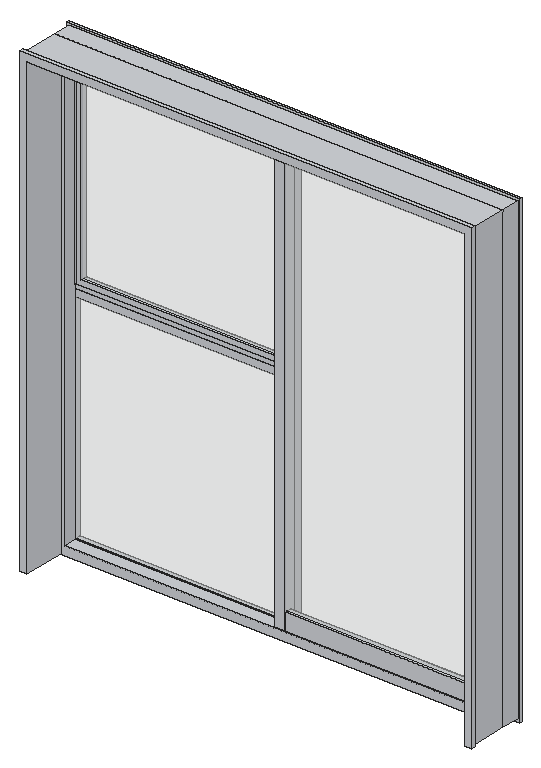
Revit family "APL Residential Thermal Heart Sliding Door SF with Sidelight", category Doors, host Wall, Revit 2017 (continued)
Definition of nested family "APL Residential Thermal Heart Sliding Door SF with Sidelight Vertical Section"
  Definition of nested family "Sash Mullion-Transom"
    Definition of nested family "65720_Sash"
      Lines and regions (mm)
        model lines, in view "Ref. Level"
          curve 105: line (39.6, 9.2, 0) -> (39.6, 4.17, 0)
          curve 106: line (39.6, 4.17, 0) -> (34.719, 4.17, 0)
          curve 107: line (32.801, 8, 0) -> (24.7, 8, 0)
          curve 108: line (24.7, 8, 0) -> (24.3, 7.6, 0)
          curve 109: line (24.3, 7.6, 0) -> (23.9, 8, 0)
          curve 110: line (23.9, 8, 0) -> (19.183, 8, 0)
          curve 111: line (18.413, 8.268, 0) -> (17.003, 8.782, 0)
          curve 112: line (16.601, 8.474, 0) -> (16.808, 6.108, 0)
          curve 113: line (16.895, 5.922, 0) -> (17.259, 5.559, 0)
          curve 114: line (17.593, 5.648, 0) -> (17.638, 5.816, 0)
          curve 115: line (17.638, 5.816, 0) -> (19.768, 6.49, 0)
          curve 116: line (19.768, 6.49, 0) -> (20, 6.5, 0)
          curve 117: line (20.1, 5.753, 0) -> (20.1, 2.525, 0)
          curve 118: line (20.1, 2.525, 0) -> (20.294, 1.75, 0)
          curve 119: line (20.1, 1.5, 0) -> (19.579, 1.5, 0)
          curve 120: line (19.579, 1.5, 0) -> (18.169, 2.309, 0)
          curve 121: line (17.6, 2.45, 0) -> (17.6, 0.874, 0)
          curve 122: line (22.5, 6.6, 0) -> (28.892, 6.6, 0)
          curve 123: line (34.135, 2.97, 0) -> (38.899, 2.97, 0)
          curve 124: line (39.4, 2.47, 0) -> (39.4, -6.3, 0)
          curve 125: line (38.9, -6.8, 0) -> (22.502, -6.8, 0)
          curve 126: line (22, -6.3, 0) -> (22, 6.1, 0)
          curve 127: arc (22, 6.1, 0) -> (22.146, 6.454, 0) -> (22.5, 6.6, 0) r 0.5
          curve 128: arc (12.714, 14.359, 0) -> (13.138, 14.183, 0) -> (13.314, 13.759, 0) r 0.6
          curve 129: arc (13.633, 5.978, 0) -> (13.937, 5.291, 0) -> (14.633, 5.009, 0) r 1
          curve 130: arc (17.054, 5.009, 0) -> (17.364, 5.05, 0) -> (17.654, 5.17, 0) r 1.2
          curve 131: arc (19.714, 6.209, 0) -> (19.996, 6.092, 0) -> (20.114, 5.809, 0) r 0.4
          curve 132: arc (20.014, 4.834, 0) -> (19.955, 4.693, 0) -> (19.814, 4.634, 0) r 0.2
          curve 133: arc (19.617, 4.653, 0) -> (19.041, 4.615, 0) -> (18.764, 4.109, 0) r 0.6
          curve 134: arc (18.764, 4.109, 0) -> (19.041, 3.603, 0) -> (19.617, 3.565, 0) r 0.6
          curve 135: arc (19.814, 3.584, 0) -> (19.955, 3.525, 0) -> (20.014, 3.384, 0) r 0.2
          curve 136: arc (20.114, 2.409, 0) -> (19.996, 2.126, 0) -> (19.714, 2.009, 0) r 0.4
          curve 137: arc (17.654, 3.048, 0) -> (17.364, 3.168, 0) -> (17.054, 3.209, 0) r 1.2
          curve 138: arc (8.374, 3.209, 0) -> (8.063, 3.168, 0) -> (7.774, 3.048, 0) r 1.2
          curve 139: arc (5.714, 2.009, 0) -> (5.431, 2.126, 0) -> (5.314, 2.409, 0) r 0.4
          curve 140: arc (5.414, 3.384, 0) -> (5.472, 3.525, 0) -> (5.614, 3.584, 0) r 0.2
          curve 141: arc (5.81, 3.565, 0) -> (6.386, 3.603, 0) -> (6.664, 4.109, 0) r 0.6
          curve 142: arc (6.664, 4.109, 0) -> (6.386, 4.615, 0) -> (5.81, 4.653, 0) r 0.6
          curve 143: arc (5.614, 4.634, 0) -> (5.472, 4.693, 0) -> (5.414, 4.834, 0) r 0.2
          curve 144: arc (5.314, 5.809, 0) -> (5.431, 6.092, 0) -> (5.714, 6.209, 0) r 0.4
          curve 145: arc (7.774, 5.17, 0) -> (8.063, 5.05, 0) -> (8.374, 5.009, 0) r 1.2
          curve 146: arc (10.794, 5.009, 0) -> (11.49, 5.291, 0) -> (11.794, 5.978, 0) r 1
          curve 147: line (13.314, 13.759, 0) -> (13.633, 5.978, 0)
          curve 148: line (14.633, 5.009, 0) -> (16.946, 5.009, 0)
          curve 149: line (17.654, 5.17, 0) -> (18.414, 5.609, 0)
          curve 150: line (18.414, 5.609, 0) -> (19.407, 6.182, 0)
          curve 151: line (19.407, 6.182, 0) -> (19.714, 6.209, 0)
          curve 152: line (20.114, 5.809, 0) -> (20.114, 5.309, 0)
          curve 153: line (20.114, 5.309, 0) -> (20.014, 4.834, 0)
          curve 154: line (20.014, 3.384, 0) -> (20.014, 3.009, 0)
          curve 155: line (20.014, 3.009, 0) -> (20.114, 2.409, 0)
          curve 156: line (19.714, 2.009, 0) -> (19.507, 2.009, 0)
          curve 157: line (19.507, 2.009, 0) -> (18.414, 2.609, 0)
          curve 158: line (18.414, 2.609, 0) -> (17.654, 3.048, 0)
          curve 159: line (16.946, 3.209, 0) -> (12.714, 3.209, 0)
          curve 160: line (12.714, 3.209, 0) -> (8.374, 3.209, 0)
          curve 161: line (7.774, 3.048, 0) -> (6.02, 2.036, 0)
          curve 162: line (6.02, 2.036, 0) -> (5.714, 2.009, 0)
          curve 163: line (5.314, 2.409, 0) -> (5.314, 2.909, 0)
          curve 164: line (5.314, 2.909, 0) -> (5.414, 3.384, 0)
          curve 165: line (5.414, 4.834, 0) -> (5.414, 5.209, 0)
          curve 166: line (5.414, 5.209, 0) -> (5.314, 5.809, 0)
          curve 167: line (5.714, 6.209, 0) -> (5.92, 6.209, 0)
          curve 168: line (5.92, 6.209, 0) -> (7.774, 5.17, 0)
          curve 169: line (8.374, 5.009, 0) -> (10.794, 5.009, 0)
          curve 170: line (11.794, 5.978, 0) -> (12.114, 13.768, 0)
          curve 171: arc (12.114, 13.768, 0) -> (12.293, 14.187, 0) -> (12.714, 14.359, 0) r 0.6
          curve 172: arc (5.3, -2.4, 0) -> (5.417, -2.117, 0) -> (5.7, -2, 0) r 0.4
          curve 173: arc (5.993, -2, 0) -> (6.096, -2.014, 0) -> (6.193, -2.054, 0) r 0.4
          curve 174: arc (7.721, -2.939, 0) -> (8.011, -3.059, 0) -> (8.322, -3.1, 0) r 1.2
          curve 175: arc (9.245, -3.1, 0) -> (9.818, -3.281, 0) -> (10.184, -3.758, 0) r 1
          curve 176: arc (10.977, -5.937, 0) -> (11.124, -6.128, 0) -> (11.353, -6.2, 0) r 0.4
          curve 177: arc (14.047, -6.2, 0) -> (14.276, -6.128, 0) -> (14.423, -5.937, 0) r 0.4
          curve 178: arc (15.216, -3.758, 0) -> (15.582, -3.281, 0) -> (16.155, -3.1, 0) r 1
          curve 179: arc (17.078, -3.1, 0) -> (17.389, -3.059, 0) -> (17.679, -2.939, 0) r 1.2
          curve 180: arc (19.207, -2.054, 0) -> (19.304, -2.014, 0) -> (19.407, -2, 0) r 0.4
          curve 181: arc (19.7, -2, 0) -> (19.983, -2.117, 0) -> (20.1, -2.4, 0) r 0.4
          curve 182: arc (20.1, -5.8, 0) -> (19.983, -6.083, 0) -> (19.7, -6.2, 0) r 0.4
          curve 183: arc (19.407, -6.2, 0) -> (19.304, -6.186, 0) -> (19.207, -6.146, 0) r 0.4
          curve 184: arc (17.679, -5.261, 0) -> (17.385, -5.14, 0) -> (17.07, -5.1, 0) r 1.2
          curve 185: arc (17.07, -5.1, 0) -> (16.895, -5.153, 0) -> (16.784, -5.297, 0) r 0.3
          curve 186: arc (15.896, -7.737, 0) -> (15.749, -7.928, 0) -> (15.52, -8, 0) r 0.4
          curve 187: arc (9.88, -8, 0) -> (9.651, -7.928, 0) -> (9.504, -7.737, 0) r 0.4
          curve 188: arc (8.616, -5.297, 0) -> (8.505, -5.153, 0) -> (8.33, -5.1, 0) r 0.3
          curve 189: arc (8.33, -5.1, 0) -> (8.015, -5.14, 0) -> (7.721, -5.261, 0) r 1.2
          curve 190: arc (6.193, -6.146, 0) -> (6.096, -6.186, 0) -> (5.993, -6.2, 0) r 0.4
          curve 191: arc (5.7, -6.2, 0) -> (5.417, -6.083, 0) -> (5.3, -5.8, 0) r 0.4
          curve 192: line (5.7, -2, 0) -> (5.993, -2, 0)
          curve 193: line (6.193, -2.054, 0) -> (7.721, -2.939, 0)
          curve 194: line (8.322, -3.1, 0) -> (9.245, -3.1, 0)
          curve 195: line (10.184, -3.758, 0) -> (10.977, -5.937, 0)
          curve 196: line (11.353, -6.2, 0) -> (14.047, -6.2, 0)
          curve 197: line (14.423, -5.937, 0) -> (15.216, -3.758, 0)
          curve 198: line (16.155, -3.1, 0) -> (17.078, -3.1, 0)
          curve 199: line (17.679, -2.939, 0) -> (19.207, -2.054, 0)
          curve 200: line (19.407, -2, 0) -> (19.7, -2, 0)
          curve 201: line (20.1, -2.4, 0) -> (20.1, -5.8, 0)
          curve 202: line (19.7, -6.2, 0) -> (19.407, -6.2, 0)
          curve 203: line (19.207, -6.146, 0) -> (17.679, -5.261, 0)
          curve 204: line (16.784, -5.297, 0) -> (15.896, -7.737, 0)
          curve 205: line (15.52, -8, 0) -> (9.88, -8, 0)
          curve 206: line (9.504, -7.737, 0) -> (8.616, -5.297, 0)
          curve 207: line (7.721, -5.261, 0) -> (6.193, -6.146, 0)
          curve 208: line (5.993, -6.2, 0) -> (5.7, -6.2, 0)
          curve 209: line (5.3, -5.8, 0) -> (5.3, -2.4, 0)
          curve 210: arc (7.8, -0.874, 0) -> (7.718, -0.477, 0) -> (7.485, -0.146, 0) r 1
          curve 211: arc (7.485, -0.146, 0) -> (7.422, 0, 0) -> (7.485, 0.146, 0) r 0.2
          curve 212: arc (7.485, 0.146, 0) -> (7.718, 0.477, 0) -> (7.8, 0.874, 0) r 1
          curve 213: arc (7.8, 2.449, 0) -> (7.673, 2.668, 0) -> (7.42, 2.663, 0) r 0.25
          curve 214: arc (7.334, 2.611, 0) -> (7.228, 2.479, 0) -> (7.231, 2.309, 0) r 0.25
          curve 215: arc (5.977, 1.544, 0) -> (5.902, 1.511, 0) -> (5.821, 1.5, 0) r 0.3
          curve 216: arc (5.3, 1.5, 0) -> (5.142, 1.578, 0) -> (5.106, 1.75, 0) r 0.2
          curve 217: arc (5.3, 5.753, 0) -> (5.274, 5.875, 0) -> (5.2, 5.976, 0) r 0.3
          curve 218: arc (5.2, 5.976, 0) -> (5.12, 6.307, 0) -> (5.4, 6.5, 0) r 0.3
          curve 219: arc (7.621, 5.957, 0) -> (7.71, 5.905, 0) -> (7.762, 5.816, 0) r 0.2
          curve 220: arc (7.807, 5.648, 0) -> (7.948, 5.507, 0) -> (8.141, 5.559, 0) r 0.2
          curve 221: arc (8.505, 5.922, 0) -> (8.565, 6.008, 0) -> (8.592, 6.108, 0) r 0.3
          curve 222: arc (8.799, 8.474, 0) -> (8.683, 8.738, 0) -> (8.397, 8.782, 0) r 0.3
          curve 223: arc (6.987, 8.268, 0) -> (6.861, 8.181, 0) -> (6.795, 8.043, 0) r 0.3
          curve 224: arc (6.795, 8.043, 0) -> (6.522, 7.801, 0) -> (6.217, 8, 0) r 0.3
          curve 225: arc (-3.3, 8, 0) -> (-4.007, 8.293, 0) -> (-4.3, 9, 0) r 1
          curve 226: arc (-4.3, 18.8, 0) -> (-4.241, 18.941, 0) -> (-4.1, 19, 0) r 0.2
          curve 227: arc (-3.2, 19, 0) -> (-2.493, 19.293, 0) -> (-2.2, 20, 0) r 1
          curve 228: arc (-2.2, 20.751, 0) -> (-2.7, 21.252, 0) -> (-3.2, 20.751, 0) r 0.5
          curve 229: arc (-3.2, 24.751, 0) -> (-2.7, 24.249, 0) -> (-2.2, 24.751, 0) r 0.5
          curve 230: arc (-2.2, 25.501, 0) -> (-2.493, 26.207, 0) -> (-3.199, 26.5, 0) r 0.999
          curve 231: arc (-4.7, 26.5, 0) -> (-5.407, 26.207, 0) -> (-5.7, 25.5, 0) r 1
          curve 232: arc (-5.7, -14.454, 0) -> (-5.548, -15.22, 0) -> (-5.114, -15.869, 0) r 2
          curve 233: arc (5.959, -26.941, 0) -> (6.177, -26.985, 0) -> (6.3, -26.8, 0) r 0.2
          curve 234: arc (6.3, -22.85, 0) -> (6.241, -22.709, 0) -> (6.1, -22.65, 0) r 0.2
          curve 235: arc (5.501, -22.65, 0) -> (5.359, -22.708, 0) -> (5.3, -22.85, 0) r 0.2
          curve 236: arc (5.3, -23.2, 0) -> (5.241, -23.341, 0) -> (5.1, -23.4, 0) r 0.201
          curve 237: arc (4.497, -23.4, 0) -> (4.357, -23.341, 0) -> (4.3, -23.2, 0) r 0.198
          curve 238: arc (4.3, -20.1, 0) -> (4.358, -19.96, 0) -> (4.497, -19.9, 0) r 0.2
          curve 239: arc (5.1, -19.9, 0) -> (5.241, -19.959, 0) -> (5.3, -20.1, 0) r 0.2
          curve 240: arc (5.3, -20.45, 0) -> (5.359, -20.591, 0) -> (5.5, -20.65, 0) r 0.2
          curve 241: arc (6.1, -20.65, 0) -> (6.241, -20.591, 0) -> (6.3, -20.45, 0) r 0.2
          curve 242: arc (6.3, -19.092, 0) -> (6.244, -18.951, 0) -> (6.1, -18.9, 0) r 0.184
          curve 243: arc (6.217, -8, 0) -> (6.522, -7.801, 0) -> (6.795, -8.043, 0) r 0.3
          curve 244: arc (6.795, -8.043, 0) -> (6.861, -8.181, 0) -> (6.987, -8.268, 0) r 0.3
          curve 245: arc (8.397, -8.782, 0) -> (8.683, -8.738, 0) -> (8.799, -8.474, 0) r 0.3
          curve 246: arc (8.592, -6.108, 0) -> (8.565, -6.008, 0) -> (8.505, -5.922, 0) r 0.3
          curve 247: arc (8.141, -5.559, 0) -> (7.948, -5.507, 0) -> (7.807, -5.648, 0) r 0.2
          curve 248: arc (7.762, -5.816, 0) -> (7.71, -5.905, 0) -> (7.621, -5.957, 0) r 0.2
          curve 249: arc (5.4, -6.5, 0) -> (5.12, -6.307, 0) -> (5.2, -5.976, 0) r 0.3
          curve 250: arc (5.2, -5.976, 0) -> (5.274, -5.875, 0) -> (5.3, -5.753, 0) r 0.3
          curve 251: arc (5.106, -1.75, 0) -> (5.142, -1.578, 0) -> (5.3, -1.5, 0) r 0.2
          curve 252: arc (5.82, -1.5, 0) -> (5.902, -1.511, 0) -> (5.977, -1.544, 0) r 0.3
          curve 253: arc (7.231, -2.309, 0) -> (7.228, -2.479, 0) -> (7.334, -2.611, 0) r 0.25
          curve 254: arc (7.42, -2.663, 0) -> (7.672, -2.668, 0) -> (7.8, -2.45, 0) r 0.25
          curve 255: arc (-0.454, 6.272, 0) -> (-0.427, 6.485, 0) -> (-0.608, 6.6, 0) r 0.2
          curve 256: arc (-3.4, 6.6, 0) -> (-4.107, 6.307, 0) -> (-4.4, 5.6, 0) r 1
          curve 257: arc (-4.4, -2.447, 0) -> (-4.254, -2.802, 0) -> (-3.9, -2.949, 0) r 0.5
          curve 258: arc (-2.4, -2.949, 0) -> (-1.693, -3.242, 0) -> (-1.4, -3.949, 0) r 1
          curve 259: arc (-1.4, -4.449, 0) -> (-1.9, -4.949, 0) -> (-2.4, -4.449, 0) r 0.5
          curve 260: arc (-4, -3.949, 0) -> (-4.283, -4.067, 0) -> (-4.4, -4.349, 0) r 0.4
          curve 261: arc (-4.4, -9.05, 0) -> (-4, -9.45, 0) -> (-4.4, -9.85, 0) r 0.4
          curve 262: arc (-4.4, -14.452, 0) -> (-4.347, -14.721, 0) -> (-4.195, -14.949, 0) r 0.7
          curve 263: arc (-2.4, -14.449, 0) -> (-1.9, -13.949, 0) -> (-1.4, -14.449, 0) r 0.5
          curve 264: arc (-1.4, -15.007, 0) -> (-1.602, -15.609, 0) -> (-2.125, -15.969, 0) r 1
          curve 265: arc (-2.125, -15.969, 0) -> (-2.472, -16.324, 0) -> (-2.341, -16.803, 0) r 0.5
          curve 266: arc (2.959, -22.103, 0) -> (3.177, -22.146, 0) -> (3.3, -21.962, 0) r 0.2
          curve 267: line (7.8, 0.874, 0) -> (7.8, 2.449, 0)
          curve 268: line (7.231, 2.309, 0) -> (5.977, 1.544, 0)
          curve 269: line (5.977, 1.544, 0) -> (5.3, 1.5, 0)
          curve 270: line (5.106, 1.75, 0) -> (5.294, 2.475, 0)
          curve 271: line (5.294, 2.475, 0) -> (5.3, 5.753, 0)
          curve 272: line (5.554, 6.5, 0) -> (7.621, 5.957, 0)
          curve 273: line (7.621, 5.957, 0) -> (7.807, 5.648, 0)
          curve 274: line (8.141, 5.559, 0) -> (8.505, 5.922, 0)
          curve 275: line (8.592, 6.108, 0) -> (8.799, 8.474, 0)
          curve 276: line (8.397, 8.782, 0) -> (6.987, 8.268, 0)
          curve 277: line (6.217, 8, 0) -> (-3.3, 8, 0)
          curve 278: line (-4.3, 9, 0) -> (-4.3, 18.8, 0)
          curve 279: line (-4.1, 19, 0) -> (-3.2, 19, 0)
          curve 280: line (-2.2, 20, 0) -> (-2.2, 20.751, 0)
          curve 281: line (-3.2, 20.751, 0) -> (-3.2, 20, 0)
          curve 282: line (-3.2, 20, 0) -> (-4.7, 20, 0)
          curve 283: line (-4.7, 20, 0) -> (-4.7, 25.5, 0)
          curve 284: line (-4.7, 25.5, 0) -> (-3.2, 25.5, 0)
          curve 285: line (-3.2, 25.5, 0) -> (-3.2, 24.751, 0)
          curve 286: line (-2.2, 24.751, 0) -> (-2.2, 25.501, 0)
          curve 287: line (-3.199, 26.5, 0) -> (-4.7, 26.5, 0)
          curve 288: line (-5.7, 25.5, 0) -> (-5.7, -14.454, 0)
          curve 289: line (-5.114, -15.869, 0) -> (5.959, -26.941, 0)
          curve 290: line (6.3, -26.8, 0) -> (6.3, -22.85, 0)
          curve 291: line (6.1, -22.65, 0) -> (5.501, -22.65, 0)
          curve 292: line (5.3, -22.85, 0) -> (5.3, -23.2, 0)
          curve 293: line (5.1, -23.4, 0) -> (4.497, -23.4, 0)
          curve 294: line (4.3, -23.2, 0) -> (4.3, -20.1, 0)
          curve 295: line (4.497, -19.9, 0) -> (5.1, -19.9, 0)
          curve 296: line (5.3, -20.1, 0) -> (5.3, -20.45, 0)
          curve 297: line (5.5, -20.65, 0) -> (6.1, -20.65, 0)
          curve 298: line (6.3, -20.45, 0) -> (6.3, -19.092, 0)
          curve 299: line (6.1, -18.9, 0) -> (4.6, -18.9, 0)
          curve 300: line (4.6, -18.9, 0) -> (4.6, -8, 0)
          curve 301: line (4.6, -8, 0) -> (6.217, -8, 0)
          curve 302: line (6.987, -8.268, 0) -> (8.397, -8.782, 0)
          curve 303: line (8.799, -8.474, 0) -> (8.592, -6.108, 0)
          curve 304: line (8.505, -5.922, 0) -> (8.141, -5.559, 0)
          curve 305: line (7.807, -5.648, 0) -> (7.762, -5.816, 0)
          curve 306: line (7.762, -5.816, 0) -> (5.632, -6.49, 0)
          curve 307: line (5.632, -6.49, 0) -> (5.4, -6.5, 0)
          curve 308: line (5.3, -5.753, 0) -> (5.3, -2.525, 0)
          curve 309: line (5.3, -2.525, 0) -> (5.106, -1.75, 0)
          curve 310: line (5.3, -1.5, 0) -> (5.82, -1.5, 0)
          curve 311: line (5.821, -1.5, 0) -> (7.231, -2.309, 0)
          curve 312: line (7.8, -2.45, 0) -> (7.8, -0.874, 0)
          curve 313: line (-0.608, 6.6, 0) -> (-3.4, 6.6, 0)
          curve 314: line (-4.4, 5.6, 0) -> (-4.4, -2.447, 0)
          curve 315: line (-3.9, -2.949, 0) -> (-2.4, -2.949, 0)
          curve 316: line (-1.4, -3.949, 0) -> (-1.4, -4.449, 0)
          curve 317: line (-2.4, -4.449, 0) -> (-2.4, -3.949, 0)
          curve 318: line (-2.4, -3.949, 0) -> (-4, -3.949, 0)
          curve 319: line (-4.4, -4.349, 0) -> (-4.4, -9.05, 0)
          curve 320: line (-4.4, -9.85, 0) -> (-4.4, -14.452, 0)
          curve 321: line (-4.195, -14.949, 0) -> (-2.4, -14.949, 0)
          curve 322: line (-2.4, -14.949, 0) -> (-2.4, -14.449, 0)
          curve 323: line (-1.4, -14.449, 0) -> (-1.4, -15.007, 0)
          curve 324: line (-2.341, -16.803, 0) -> (2.959, -22.103, 0)
          curve 325: line (3.3, -21.962, 0) -> (3.3, 2.193, 0)
          curve 326: arc (3.3, 2.193, 0) -> (3.272, 2.296, 0) -> (3.194, 2.37, 0) r 0.2
          curve 327: arc (3.194, 2.37, 0) -> (2.838, 2.85, 0) -> (2.984, 3.43, 0) r 0.7
          curve 328: arc (2.984, 3.43, 0) -> (3.33, 4.4, 0) -> (2.984, 5.37, 0) r 1.53
          curve 329: arc (2.984, 5.37, 0) -> (2.892, 5.514, 0) -> (2.838, 5.676, 0) r 0.7
          curve 330: arc (2.838, 5.676, 0) -> (2.741, 5.888, 0) -> (2.559, 6.032, 0) r 0.5
          curve 331: arc (2.559, 6.032, 0) -> (1.8, 6.2, 0) -> (1.041, 6.032, 0) r 1.8
          curve 332: arc (1.041, 6.032, 0) -> (0.859, 5.888, 0) -> (0.762, 5.676, 0) r 0.5
          curve 333: arc (0.762, 5.676, 0) -> (0.708, 5.514, 0) -> (0.616, 5.37, 0) r 0.7
          curve 334: arc (0.616, 5.37, 0) -> (0.27, 4.4, 0) -> (0.616, 3.43, 0) r 1.53
          curve 335: arc (0.616, 3.43, 0) -> (0.519, 2.445, 0) -> (-0.466, 2.543, 0) r 0.7
          curve 336: arc (-0.466, 2.543, 0) -> (-1.13, 4.41, 0) -> (-0.454, 6.272, 0) r 2.93
      Text (mm)
        text "65720" at (33.241, 33.025, 0), in view "Ref. Level"
    Definition of nested family "65100_Mullion&Transom"
      Reference planes
        plane 1 "Center (Front/Back)": y = 0
        plane 2: z = 0
        plane 3 "Center (Left/Right)": x = 0
      Lines and regions (mm)
        detail lines, in view "Ref. Level"
          curve 1: arc (0.482, -20.144, 0) -> (0.172, -20.004, 0) -> (0.009, -20.303, 0) r 0.25
          curve 2: arc (0.036, -30.191, 0) -> (0.198, -30.491, 0) -> (0.508, -30.351, 0) r 0.25
          curve 3: line (0.009, -20.303, 0) -> (1.003, -24.171, 0)
          curve 4: line (1.003, -24.171, 0) -> (0, -24.75, 0)
          curve 5: line (0, -24.75, 0) -> (0, -25.75, 0)
          curve 6: line (0, -25.75, 0) -> (1.025, -26.342, 0)
          curve 7: line (1.025, -26.342, 0) -> (0.036, -30.191, 0)
          curve 8: line (0.508, -30.351, 0) -> (2.232, -26.25, 0)
          curve 9: line (2.232, -26.25, 0) -> (3.5, -26.25, 0)
          curve 10: line (3.5, -26.25, 0) -> (3.5, -27.5, 0)
          curve 11: line (3.5, -27.5, 0) -> (4.5, -27.5, 0)
          curve 12: line (4.5, -27.5, 0) -> (4.5, -23, 0)
          curve 13: line (4.5, -23, 0) -> (3.5, -23, 0)
          curve 14: line (3.5, -23, 0) -> (3.5, -24.25, 0)
          curve 15: line (3.5, -24.25, 0) -> (2.208, -24.25, 0)
          curve 16: line (2.208, -24.25, 0) -> (0.482, -20.144, 0)
          curve 329: arc (0.482, 30.356, 0) -> (0.172, 30.496, 0) -> (0.009, 30.197, 0) r 0.25
          curve 330: arc (0.036, 20.309, 0) -> (0.198, 20.009, 0) -> (0.508, 20.149, 0) r 0.25
          curve 331: line (0.009, 30.197, 0) -> (1.003, 26.329, 0)
          curve 332: line (1.003, 26.329, 0) -> (0, 25.75, 0)
          curve 333: line (0, 25.75, 0) -> (0, 24.75, 0)
          curve 334: line (0, 24.75, 0) -> (1.025, 24.158, 0)
          curve 335: line (1.025, 24.158, 0) -> (0.036, 20.309, 0)
          curve 336: line (0.508, 20.149, 0) -> (2.232, 24.25, 0)
          curve 337: line (2.232, 24.25, 0) -> (3.5, 24.25, 0)
          curve 338: line (3.5, 24.25, 0) -> (3.5, 23, 0)
          curve 339: line (3.5, 23, 0) -> (4.5, 23, 0)
          curve 340: line (4.5, 23, 0) -> (4.5, 27.5, 0)
          curve 341: line (4.5, 27.5, 0) -> (3.5, 27.5, 0)
          curve 342: line (3.5, 27.5, 0) -> (3.5, 26.25, 0)
          curve 343: line (3.5, 26.25, 0) -> (2.208, 26.25, 0)
          curve 344: line (2.208, 26.25, 0) -> (0.482, 30.356, 0)
        detail lines, in view "Ref. Level", not visible
          curve 17: arc (33.161, -9.933, 0) -> (32.851, -9.793, 0) -> (32.689, -10.092, 0) r 0.25
          curve 18: arc (32.715, -19.98, 0) -> (32.877, -20.279, 0) -> (33.188, -20.139, 0) r 0.25
          curve 19: line (32.689, -10.092, 0) -> (33.683, -13.959, 0)
          curve 20: line (33.683, -13.959, 0) -> (32.679, -14.539, 0)
          curve 21: line (32.679, -14.539, 0) -> (32.679, -15.539, 0)
          curve 22: line (32.679, -15.539, 0) -> (33.705, -16.131, 0)
          curve 23: line (33.705, -16.131, 0) -> (32.715, -19.98, 0)
          curve 24: line (33.188, -20.139, 0) -> (34.912, -16.039, 0)
          curve 25: line (34.912, -16.039, 0) -> (36.179, -16.039, 0)
          curve 26: line (36.179, -16.039, 0) -> (36.179, -17.289, 0)
          curve 27: line (36.179, -17.289, 0) -> (37.179, -17.289, 0)
          curve 28: line (37.179, -17.289, 0) -> (37.179, -12.789, 0)
          curve 29: line (37.179, -12.789, 0) -> (36.179, -12.789, 0)
          curve 30: line (36.179, -12.789, 0) -> (36.179, -14.039, 0)
          curve 31: line (36.179, -14.039, 0) -> (34.887, -14.039, 0)
          curve 32: line (34.887, -14.039, 0) -> (33.161, -9.933, 0)
        model lines, in view "Ref. Level"
          curve 33: arc (-15.3, 2.874, 0) -> (-15.218, 2.477, 0) -> (-14.985, 2.146, 0) r 1
          curve 34: arc (-14.733, 1.893, 0) -> (-14.408, 1.676, 0) -> (-14.026, 1.6, 0) r 1
          curve 35: arc (-14.026, -1.6, 0) -> (-14.408, -1.676, 0) -> (-14.733, -1.893, 0) r 1
          curve 36: arc (-14.985, -2.146, 0) -> (-15.218, -2.477, 0) -> (-15.3, -2.874, 0) r 1
          curve 37: arc (-15.3, -4.45, 0) -> (-15.172, -4.668, 0) -> (-14.92, -4.663, 0) r 0.25
          curve 38: arc (-14.834, -4.611, 0) -> (-14.728, -4.479, 0) -> (-14.731, -4.309, 0) r 0.25
          curve 39: arc (-13.477, -3.544, 0) -> (-13.402, -3.511, 0) -> (-13.321, -3.5, 0) r 0.3
          curve 40: arc (-12.8, -3.5, 0) -> (-12.642, -3.578, 0) -> (-12.606, -3.75, 0) r 0.2
          curve 41: arc (-12.8, -7.753, 0) -> (-12.774, -7.875, 0) -> (-12.7, -7.976, 0) r 0.3
          curve 42: arc (-12.7, -7.976, 0) -> (-12.62, -8.307, 0) -> (-12.9, -8.5, 0) r 0.3
          curve 43: arc (-15.121, -7.957, 0) -> (-15.21, -7.905, 0) -> (-15.262, -7.816, 0) r 0.2
          curve 44: arc (-15.307, -7.648, 0) -> (-15.448, -7.507, 0) -> (-15.641, -7.559, 0) r 0.2
          curve 45: arc (-16.005, -7.922, 0) -> (-16.065, -8.008, 0) -> (-16.092, -8.108, 0) r 0.3
          curve 46: arc (-16.299, -10.474, 0) -> (-16.183, -10.738, 0) -> (-15.897, -10.782, 0) r 0.3
          curve 47: arc (-14.487, -10.268, 0) -> (-14.361, -10.181, 0) -> (-14.295, -10.043, 0) r 0.3
          curve 48: arc (-14.295, -10.043, 0) -> (-14.022, -9.801, 0) -> (-13.717, -10, 0) r 0.3
          curve 49: arc (4.1, -10, 0) -> (4.241, -10.059, 0) -> (4.3, -10.2, 0) r 0.2
          curve 50: arc (3.201, -21.5, 0) -> (2.493, -21.793, 0) -> (2.2, -22.5, 0) r 1
          curve 51: arc (2.2, -23.25, 0) -> (2.7, -23.751, 0) -> (3.2, -23.25, 0) r 0.5
          curve 52: arc (3.2, -27.251, 0) -> (2.7, -26.751, 0) -> (2.2, -27.251, 0) r 0.5
          curve 53: arc (2.2, -28.801, 0) -> (2.259, -28.942, 0) -> (2.4, -29, 0) r 0.2
          curve 54: arc (5.5, -29, 0) -> (5.641, -28.941, 0) -> (5.7, -28.8, 0) r 0.2
          curve 55: arc (5.7, 28.8, 0) -> (5.641, 28.942, 0) -> (5.5, 29, 0) r 0.2
          curve 56: arc (2.4, 29, 0) -> (2.259, 28.941, 0) -> (2.2, 28.8, 0) r 0.2
          curve 57: arc (2.2, 27.25, 0) -> (2.7, 26.749, 0) -> (3.2, 27.25, 0) r 0.5
          curve 58: arc (3.2, 23.25, 0) -> (2.7, 23.749, 0) -> (2.2, 23.25, 0) r 0.5
          curve 59: arc (2.2, 22.501, 0) -> (2.492, 21.793, 0) -> (3.2, 21.5, 0) r 1
          curve 60: arc (4.3, 10.2, 0) -> (4.241, 10.059, 0) -> (4.1, 10, 0) r 0.2
          curve 61: arc (-13.717, 10, 0) -> (-14.022, 9.801, 0) -> (-14.295, 10.043, 0) r 0.3
          curve 62: arc (-14.295, 10.043, 0) -> (-14.361, 10.181, 0) -> (-14.487, 10.268, 0) r 0.3
          curve 63: arc (-15.897, 10.782, 0) -> (-16.183, 10.738, 0) -> (-16.299, 10.474, 0) r 0.3
          curve 64: arc (-16.092, 8.108, 0) -> (-16.065, 8.008, 0) -> (-16.005, 7.922, 0) r 0.3
          curve 65: arc (-15.641, 7.559, 0) -> (-15.448, 7.507, 0) -> (-15.307, 7.648, 0) r 0.2
          curve 66: arc (-15.262, 7.816, 0) -> (-15.21, 7.905, 0) -> (-15.121, 7.957, 0) r 0.2
          curve 67: arc (-12.9, 8.5, 0) -> (-12.62, 8.307, 0) -> (-12.7, 7.976, 0) r 0.3
          curve 68: arc (-12.7, 7.976, 0) -> (-12.774, 7.875, 0) -> (-12.8, 7.753, 0) r 0.3
          curve 69: arc (-12.606, 3.75, 0) -> (-12.642, 3.578, 0) -> (-12.8, 3.5, 0) r 0.2
          curve 70: arc (-13.321, 3.5, 0) -> (-13.402, 3.511, 0) -> (-13.477, 3.544, 0) r 0.3
          curve 71: arc (-14.731, 4.309, 0) -> (-14.728, 4.479, 0) -> (-14.834, 4.611, 0) r 0.25
          curve 72: arc (-14.92, 4.663, 0) -> (-15.172, 4.668, 0) -> (-15.3, 4.45, 0) r 0.25
          curve 73: arc (-4.016, 4.146, 0) -> (-5.077, 4.139, 0) -> (-5.084, 5.2, 0) r 0.75
          curve 74: arc (-5.084, 5.2, 0) -> (-4.55, 6.5, 0) -> (-5.084, 7.8, 0) r 1.85
          curve 75: arc (-5.084, 7.8, 0) -> (-5.194, 7.942, 0) -> (-5.267, 8.107, 0) r 0.75
          curve 76: arc (-5.267, 8.107, 0) -> (-5.37, 8.291, 0) -> (-5.54, 8.416, 0) r 0.5
          curve 77: arc (-5.54, 8.416, 0) -> (-6.4, 8.6, 0) -> (-7.26, 8.416, 0) r 2.1
          curve 78: arc (-7.26, 8.416, 0) -> (-7.43, 8.291, 0) -> (-7.533, 8.107, 0) r 0.5
          curve 79: arc (-7.533, 8.107, 0) -> (-7.606, 7.942, 0) -> (-7.716, 7.8, 0) r 0.75
          curve 80: arc (-7.716, 7.8, 0) -> (-8.25, 6.5, 0) -> (-7.716, 5.2, 0) r 1.85
          curve 81: arc (-7.716, 5.2, 0) -> (-7.723, 4.139, 0) -> (-8.784, 4.146, 0) r 0.75
          curve 82: arc (-8.784, 4.146, 0) -> (-9.231, 4.709, 0) -> (-9.548, 5.354, 0) r 3.35
          curve 83: arc (-10.124, 6.937, 0) -> (-10.569, 7.194, 0) -> (-10.9, 6.8, 0) r 0.4
          curve 84: arc (-10.9, -6.8, 0) -> (-10.569, -7.194, 0) -> (-10.124, -6.937, 0) r 0.4
          curve 85: arc (-9.548, -5.354, 0) -> (-9.231, -4.709, 0) -> (-8.784, -4.146, 0) r 3.35
          curve 86: arc (-8.784, -4.146, 0) -> (-7.723, -4.139, 0) -> (-7.716, -5.2, 0) r 0.75
          curve 87: arc (-7.716, -5.2, 0) -> (-8.25, -6.5, 0) -> (-7.716, -7.8, 0) r 1.85
          curve 88: arc (-7.716, -7.8, 0) -> (-7.606, -7.942, 0) -> (-7.533, -8.107, 0) r 0.75
          curve 89: arc (-7.533, -8.107, 0) -> (-7.43, -8.291, 0) -> (-7.26, -8.416, 0) r 0.5
          curve 90: arc (-7.26, -8.416, 0) -> (-6.4, -8.6, 0) -> (-5.54, -8.416, 0) r 2.1
          curve 91: arc (-5.54, -8.416, 0) -> (-5.37, -8.291, 0) -> (-5.267, -8.107, 0) r 0.5
          curve 92: arc (-5.267, -8.107, 0) -> (-5.194, -7.942, 0) -> (-5.084, -7.8, 0) r 0.75
          curve 93: arc (-5.084, -7.8, 0) -> (-4.55, -6.5, 0) -> (-5.084, -5.2, 0) r 1.85
          curve 94: arc (-5.084, -5.2, 0) -> (-5.077, -4.139, 0) -> (-4.016, -4.146, 0) r 0.75
          curve 95: arc (-4.016, -4.146, 0) -> (-3.101, -5.916, 0) -> (-3.353, -7.892, 0) r 3.35
          curve 96: arc (-3.353, -7.892, 0) -> (-3.319, -8.37, 0) -> (-2.898, -8.6, 0) r 0.5
          curve 97: arc (3.8, -8.6, 0) -> (4.154, -8.454, 0) -> (4.3, -8.1, 0) r 0.5
          curve 98: arc (4.3, 8.1, 0) -> (4.154, 8.454, 0) -> (3.8, 8.6, 0) r 0.5
          curve 99: line (-15.3, 4.45, 0) -> (-15.3, 2.874, 0)
          curve 100: line (-14.97, 2.13, 0) -> (-14.733, 1.893, 0)
          curve 101: line (-14.026, 1.6, 0) -> (-12.8, 1.6, 0)
          curve 102: line (-12.8, 1.6, 0) -> (-12.8, -1.6, 0)
          curve 103: line (-12.8, -1.6, 0) -> (-14.026, -1.6, 0)
          curve 104: line (-14.733, -1.893, 0) -> (-14.97, -2.13, 0)
          curve 105: line (-15.3, -2.874, 0) -> (-15.3, -4.45, 0)
          curve 106: line (-14.731, -4.309, 0) -> (-13.477, -3.544, 0)
          curve 107: line (-13.477, -3.544, 0) -> (-12.8, -3.5, 0)
          curve 108: line (-12.606, -3.75, 0) -> (-12.794, -4.475, 0)
          curve 109: line (-12.794, -4.475, 0) -> (-12.8, -7.753, 0)
          curve 110: line (-13.054, -8.5, 0) -> (-15.121, -7.957, 0)
          curve 111: line (-15.121, -7.957, 0) -> (-15.307, -7.648, 0)
          curve 112: line (-15.641, -7.559, 0) -> (-16.005, -7.922, 0)
          curve 113: line (-16.092, -8.108, 0) -> (-16.299, -10.474, 0)
          curve 114: line (-15.897, -10.782, 0) -> (-14.487, -10.268, 0)
          curve 115: line (-13.717, -10, 0) -> (-6.8, -10, 0)
          curve 116: line (-6.8, -10, 0) -> (-6.4, -9.6, 0)
          curve 117: line (-6.4, -9.6, 0) -> (-6, -10, 0)
          curve 118: line (-6, -10, 0) -> (4.1, -10, 0)
          curve 119: line (4.3, -10.2, 0) -> (4.3, -21.5, 0)
          curve 120: line (4.3, -21.5, 0) -> (3.201, -21.5, 0)
          curve 121: line (2.2, -22.5, 0) -> (2.2, -23.25, 0)
          curve 122: line (3.2, -23.25, 0) -> (3.2, -22.5, 0)
          curve 123: line (3.2, -22.5, 0) -> (4.7, -22.5, 0)
          curve 124: line (4.7, -22.5, 0) -> (4.7, -28, 0)
          curve 125: line (4.7, -28, 0) -> (3.2, -28, 0)
          curve 126: line (3.2, -28, 0) -> (3.2, -27.251, 0)
          curve 127: line (2.2, -27.251, 0) -> (2.2, -28.801, 0)
          curve 128: line (2.4, -29, 0) -> (5.5, -29, 0)
          curve 129: line (5.7, -28.8, 0) -> (5.7, 28.8, 0)
          curve 130: line (5.5, 29, 0) -> (2.4, 29, 0)
          curve 131: line (2.2, 28.8, 0) -> (2.2, 27.25, 0)
          curve 132: line (3.2, 27.25, 0) -> (3.2, 28, 0)
          curve 133: line (3.2, 28, 0) -> (4.7, 28, 0)
          curve 134: line (4.7, 28, 0) -> (4.7, 22.5, 0)
          curve 135: line (4.7, 22.5, 0) -> (3.2, 22.5, 0)
          curve 136: line (3.2, 22.5, 0) -> (3.2, 23.25, 0)
          curve 137: line (2.2, 23.25, 0) -> (2.2, 22.501, 0)
          curve 138: line (3.2, 21.5, 0) -> (4.3, 21.5, 0)
          curve 139: line (4.3, 21.5, 0) -> (4.3, 10.2, 0)
          curve 140: line (4.1, 10, 0) -> (-6, 10, 0)
          curve 141: line (-6, 10, 0) -> (-6.4, 9.6, 0)
          curve 142: line (-6.4, 9.6, 0) -> (-6.8, 10, 0)
          curve 143: line (-6.8, 10, 0) -> (-13.717, 10, 0)
          curve 144: line (-14.487, 10.268, 0) -> (-15.897, 10.782, 0)
          curve 145: line (-16.299, 10.474, 0) -> (-16.092, 8.108, 0)
          curve 146: line (-16.005, 7.922, 0) -> (-15.641, 7.559, 0)
          curve 147: line (-15.307, 7.648, 0) -> (-15.262, 7.816, 0)
          curve 148: line (-15.262, 7.816, 0) -> (-13.132, 8.49, 0)
          curve 149: line (-13.132, 8.49, 0) -> (-12.9, 8.5, 0)
          curve 150: line (-12.8, 7.753, 0) -> (-12.8, 4.525, 0)
          curve 151: line (-12.8, 4.525, 0) -> (-12.606, 3.75, 0)
          curve 152: line (-12.8, 3.5, 0) -> (-13.321, 3.5, 0)
          curve 153: line (-13.321, 3.5, 0) -> (-14.731, 4.309, 0)
          curve 154: line (-9.548, 5.354, 0) -> (-10.124, 6.937, 0)
          curve 155: line (-10.9, 6.8, 0) -> (-10.9, -6.8, 0)
          curve 156: line (-10.124, -6.937, 0) -> (-9.548, -5.354, 0)
          curve 157: line (-2.898, -8.6, 0) -> (3.8, -8.6, 0)
          curve 158: line (4.3, -8.1, 0) -> (4.3, 8.1, 0)
          curve 159: line (3.8, 8.6, 0) -> (-2.898, 8.6, 0)
          curve 160: arc (-2.898, 8.6, 0) -> (-3.319, 8.37, 0) -> (-3.353, 7.892, 0) r 0.5
          curve 161: arc (-3.353, 7.892, 0) -> (-3.101, 5.916, 0) -> (-4.016, 4.146, 0) r 3.35
          curve 162: arc (-40.3, -9.8, 0) -> (-40.241, -9.941, 0) -> (-40.1, -10, 0) r 0.2
          curve 163: arc (-38.635, -9.621, 0) -> (-38.571, -9.522, 0) -> (-38.575, -9.403, 0) r 0.2
          curve 164: arc (-38.575, -9.403, 0) -> (-38.679, -9.234, 0) -> (-38.847, -9.127, 0) r 0.45
          curve 165: arc (-38.847, -9.127, 0) -> (-38.943, -9.052, 0) -> (-38.978, -8.935, 0) r 0.2
          curve 166: arc (-38.837, -1.98, 0) -> (-38.537, -1.286, 0) -> (-37.837, -1, 0) r 1
          curve 167: arc (-30.5, -1, 0) -> (-29.793, -1.293, 0) -> (-29.5, -2, 0) r 1
          curve 168: arc (-29.5, -8.173, 0) -> (-29.527, -8.272, 0) -> (-29.6, -8.345, 0) r 0.2
          curve 169: arc (-30.7, -8.98, 0) -> (-30.92, -9.2, 0) -> (-31, -9.5, 0) r 0.6
          curve 170: arc (-31, -9.8, 0) -> (-30.941, -9.942, 0) -> (-30.8, -10, 0) r 0.2
          curve 171: arc (-26.683, -10, 0) -> (-26.378, -9.801, 0) -> (-26.105, -10.043, 0) r 0.3
          curve 172: arc (-26.105, -10.043, 0) -> (-26.039, -10.181, 0) -> (-25.913, -10.268, 0) r 0.3
          curve 173: arc (-24.503, -10.782, 0) -> (-24.217, -10.738, 0) -> (-24.101, -10.474, 0) r 0.3
          curve 174: arc (-24.308, -8.108, 0) -> (-24.335, -8.008, 0) -> (-24.395, -7.922, 0) r 0.3
          curve 175: arc (-24.759, -7.559, 0) -> (-24.952, -7.507, 0) -> (-25.093, -7.648, 0) r 0.2
          curve 176: arc (-25.138, -7.816, 0) -> (-25.19, -7.905, 0) -> (-25.279, -7.957, 0) r 0.2
          curve 177: arc (-27.5, -8.5, 0) -> (-27.78, -8.307, 0) -> (-27.7, -7.976, 0) r 0.3
          curve 178: arc (-27.7, -7.976, 0) -> (-27.626, -7.875, 0) -> (-27.6, -7.753, 0) r 0.3
          curve 179: arc (-27.794, -3.75, 0) -> (-27.758, -3.578, 0) -> (-27.6, -3.5, 0) r 0.2
          curve 180: arc (-27.079, -3.5, 0) -> (-26.998, -3.511, 0) -> (-26.923, -3.544, 0) r 0.3
          curve 181: arc (-25.669, -4.309, 0) -> (-25.672, -4.479, 0) -> (-25.566, -4.611, 0) r 0.25
          curve 182: arc (-25.48, -4.663, 0) -> (-25.228, -4.668, 0) -> (-25.1, -4.45, 0) r 0.25
          curve 183: arc (-25.1, -2.874, 0) -> (-25.182, -2.477, 0) -> (-25.415, -2.146, 0) r 1
          curve 184: arc (-25.667, -1.893, 0) -> (-25.992, -1.676, 0) -> (-26.374, -1.6, 0) r 1
          curve 185: arc (-26.377, 1.6, 0) -> (-25.993, 1.676, 0) -> (-25.667, 1.893, 0) r 1
          curve 186: arc (-25.415, 2.146, 0) -> (-25.182, 2.477, 0) -> (-25.1, 2.874, 0) r 1
          curve 187: arc (-25.1, 4.45, 0) -> (-25.227, 4.668, 0) -> (-25.48, 4.663, 0) r 0.25
          curve 188: arc (-25.566, 4.611, 0) -> (-25.672, 4.479, 0) -> (-25.669, 4.309, 0) r 0.25
          curve 189: arc (-26.923, 3.544, 0) -> (-26.998, 3.511, 0) -> (-27.079, 3.5, 0) r 0.3
          curve 190: arc (-27.6, 3.5, 0) -> (-27.758, 3.578, 0) -> (-27.794, 3.75, 0) r 0.2
          curve 191: arc (-27.6, 7.753, 0) -> (-27.626, 7.875, 0) -> (-27.7, 7.976, 0) r 0.3
          curve 192: arc (-27.7, 7.976, 0) -> (-27.78, 8.307, 0) -> (-27.5, 8.5, 0) r 0.3
          curve 193: arc (-25.279, 7.957, 0) -> (-25.19, 7.905, 0) -> (-25.138, 7.816, 0) r 0.2
          curve 194: arc (-25.093, 7.648, 0) -> (-24.952, 7.507, 0) -> (-24.759, 7.559, 0) r 0.2
          curve 195: arc (-24.395, 7.922, 0) -> (-24.335, 8.008, 0) -> (-24.308, 8.108, 0) r 0.3
          curve 196: arc (-24.101, 10.474, 0) -> (-24.217, 10.738, 0) -> (-24.503, 10.782, 0) r 0.3
          curve 197: arc (-25.913, 10.268, 0) -> (-26.039, 10.181, 0) -> (-26.105, 10.043, 0) r 0.3
          curve 198: arc (-26.105, 10.043, 0) -> (-26.378, 9.801, 0) -> (-26.683, 10, 0) r 0.3
          curve 199: arc (-30.8, 10, 0) -> (-30.941, 9.942, 0) -> (-31, 9.8, 0) r 0.2
          curve 200: arc (-31, 9.5, 0) -> (-30.92, 9.2, 0) -> (-30.7, 8.98, 0) r 0.6
          curve 201: arc (-29.6, 8.345, 0) -> (-29.527, 8.272, 0) -> (-29.5, 8.172, 0) r 0.2
          curve 202: arc (-29.5, 2, 0) -> (-29.793, 1.293, 0) -> (-30.5, 1, 0) r 1
          curve 203: arc (-37.837, 1, 0) -> (-38.537, 1.286, 0) -> (-38.837, 1.98, 0) r 1
          curve 204: arc (-38.978, 8.935, 0) -> (-38.943, 9.052, 0) -> (-38.847, 9.127, 0) r 0.2
          curve 205: arc (-38.847, 9.127, 0) -> (-38.679, 9.234, 0) -> (-38.575, 9.403, 0) r 0.45
          curve 206: arc (-38.575, 9.403, 0) -> (-38.571, 9.522, 0) -> (-38.635, 9.621, 0) r 0.2
          curve 207: arc (-40.1, 10, 0) -> (-40.241, 9.941, 0) -> (-40.3, 9.8, 0) r 0.2
          curve 208: line (-40.3, 9.8, 0) -> (-40.3, 0, 0)
          curve 209: line (-40.3, 0, 0) -> (-40.3, -9.8, 0)
          curve 210: line (-40.1, -10, 0) -> (-39.159, -10, 0)
          curve 211: line (-39.159, -10, 0) -> (-38.635, -9.621, 0)
          curve 212: line (-38.978, -8.935, 0) -> (-38.837, -1.98, 0)
          curve 213: line (-37.837, -1, 0) -> (-30.5, -1, 0)
          curve 214: line (-29.5, -2, 0) -> (-29.5, -8.173, 0)
          curve 215: line (-29.6, -8.345, 0) -> (-30.7, -8.98, 0)
          curve 216: line (-31, -9.5, 0) -> (-31, -9.8, 0)
          curve 217: line (-30.8, -10, 0) -> (-26.683, -10, 0)
          curve 218: line (-25.913, -10.268, 0) -> (-24.503, -10.782, 0)
          curve 219: line (-24.101, -10.474, 0) -> (-24.308, -8.108, 0)
          curve 220: line (-24.395, -7.922, 0) -> (-24.759, -7.559, 0)
          curve 221: line (-25.093, -7.648, 0) -> (-25.138, -7.816, 0)
          curve 222: line (-25.138, -7.816, 0) -> (-27.268, -8.49, 0)
          curve 223: line (-27.268, -8.49, 0) -> (-27.5, -8.5, 0)
          curve 224: line (-27.6, -7.753, 0) -> (-27.6, -4.525, 0)
          curve 225: line (-27.6, -4.525, 0) -> (-27.794, -3.75, 0)
          curve 226: line (-27.6, -3.5, 0) -> (-27.079, -3.5, 0)
          curve 227: line (-27.079, -3.5, 0) -> (-25.669, -4.309, 0)
          curve 228: line (-25.1, -4.45, 0) -> (-25.1, -2.874, 0)
          curve 229: line (-25.43, -2.13, 0) -> (-25.667, -1.893, 0)
          curve 230: line (-26.374, -1.6, 0) -> (-27.6, -1.6, 0)
          curve 231: line (-27.6, -1.6, 0) -> (-27.6, 0, 0)
          curve 232: line (-27.6, 0, 0) -> (-27.6, 1.6, 0)
          curve 233: line (-27.6, 1.6, 0) -> (-26.377, 1.6, 0)
          curve 234: line (-25.667, 1.893, 0) -> (-25.43, 2.13, 0)
          curve 235: line (-25.1, 2.874, 0) -> (-25.1, 4.45, 0)
          curve 236: line (-25.669, 4.309, 0) -> (-26.923, 3.544, 0)
          curve 237: line (-26.923, 3.544, 0) -> (-27.6, 3.5, 0)
          curve 238: line (-27.794, 3.75, 0) -> (-27.606, 4.475, 0)
          curve 239: line (-27.606, 4.475, 0) -> (-27.6, 7.753, 0)
          curve 240: line (-27.346, 8.5, 0) -> (-25.279, 7.957, 0)
          curve 241: line (-25.279, 7.957, 0) -> (-25.093, 7.648, 0)
          curve 242: line (-24.759, 7.559, 0) -> (-24.395, 7.922, 0)
          curve 243: line (-24.308, 8.108, 0) -> (-24.101, 10.474, 0)
          curve 244: line (-24.503, 10.782, 0) -> (-25.913, 10.268, 0)
          curve 245: line (-26.683, 10, 0) -> (-30.8, 10, 0)
          curve 246: line (-31, 9.8, 0) -> (-31, 9.5, 0)
          curve 247: line (-30.7, 8.98, 0) -> (-29.6, 8.345, 0)
          curve 248: line (-29.5, 8.172, 0) -> (-29.5, 2, 0)
          curve 249: line (-30.5, 1, 0) -> (-37.837, 1, 0)
          curve 250: line (-38.837, 1.98, 0) -> (-38.978, 8.935, 0)
          curve 251: line (-38.635, 9.621, 0) -> (-39.031, 9.953, 0)
          curve 252: line (-39.031, 9.953, 0) -> (-40.1, 10, 0)
          curve 253: arc (-27.6, 4.4, 0) -> (-27.483, 4.117, 0) -> (-27.2, 4, 0) r 0.4
          curve 254: arc (-26.907, 4, 0) -> (-26.804, 4.014, 0) -> (-26.707, 4.054, 0) r 0.4
          curve 255: arc (-25.179, 4.939, 0) -> (-24.889, 5.059, 0) -> (-24.578, 5.1, 0) r 1.2
          curve 256: arc (-23.655, 5.1, 0) -> (-23.082, 5.281, 0) -> (-22.716, 5.758, 0) r 1
          curve 257: arc (-21.923, 7.937, 0) -> (-21.776, 8.128, 0) -> (-21.547, 8.2, 0) r 0.4
          curve 258: arc (-18.853, 8.2, 0) -> (-18.624, 8.128, 0) -> (-18.477, 7.937, 0) r 0.4
          curve 259: arc (-17.684, 5.758, 0) -> (-17.318, 5.281, 0) -> (-16.745, 5.1, 0) r 1
          curve 260: arc (-15.822, 5.1, 0) -> (-15.511, 5.059, 0) -> (-15.221, 4.939, 0) r 1.2
          curve 261: arc (-13.693, 4.054, 0) -> (-13.596, 4.014, 0) -> (-13.493, 4, 0) r 0.4
          curve 262: arc (-13.2, 4, 0) -> (-12.917, 4.117, 0) -> (-12.8, 4.4, 0) r 0.4
          curve 263: arc (-12.8, 7.8, 0) -> (-12.917, 8.083, 0) -> (-13.2, 8.2, 0) r 0.4
          curve 264: arc (-13.493, 8.2, 0) -> (-13.596, 8.186, 0) -> (-13.693, 8.146, 0) r 0.4
          curve 265: arc (-15.221, 7.261, 0) -> (-15.515, 7.14, 0) -> (-15.83, 7.1, 0) r 1.2
          curve 266: arc (-15.83, 7.1, 0) -> (-16.005, 7.153, 0) -> (-16.116, 7.297, 0) r 0.3
          curve 267: arc (-17.004, 9.737, 0) -> (-17.151, 9.928, 0) -> (-17.38, 10, 0) r 0.4
          curve 268: arc (-23.02, 10, 0) -> (-23.249, 9.928, 0) -> (-23.396, 9.737, 0) r 0.4
          curve 269: arc (-24.284, 7.297, 0) -> (-24.395, 7.153, 0) -> (-24.57, 7.1, 0) r 0.3
          curve 270: arc (-24.57, 7.1, 0) -> (-24.885, 7.14, 0) -> (-25.179, 7.261, 0) r 1.2
          curve 271: arc (-26.707, 8.146, 0) -> (-26.804, 8.186, 0) -> (-26.907, 8.2, 0) r 0.4
          curve 272: arc (-27.2, 8.2, 0) -> (-27.483, 8.083, 0) -> (-27.6, 7.8, 0) r 0.4
          curve 273: line (-27.2, 4, 0) -> (-26.907, 4, 0)
          curve 274: line (-26.707, 4.054, 0) -> (-25.179, 4.939, 0)
          curve 275: line (-24.578, 5.1, 0) -> (-23.655, 5.1, 0)
          curve 276: line (-22.716, 5.758, 0) -> (-21.923, 7.937, 0)
          curve 277: line (-21.547, 8.2, 0) -> (-18.853, 8.2, 0)
          curve 278: line (-18.477, 7.937, 0) -> (-17.684, 5.758, 0)
          curve 279: line (-16.745, 5.1, 0) -> (-15.822, 5.1, 0)
          curve 280: line (-15.221, 4.939, 0) -> (-13.693, 4.054, 0)
          curve 281: line (-13.493, 4, 0) -> (-13.2, 4, 0)
          curve 282: line (-12.8, 4.4, 0) -> (-12.8, 7.8, 0)
          curve 283: line (-13.2, 8.2, 0) -> (-13.493, 8.2, 0)
          curve 284: line (-13.693, 8.146, 0) -> (-15.221, 7.261, 0)
          curve 285: line (-16.116, 7.297, 0) -> (-17.004, 9.737, 0)
          curve 286: line (-17.38, 10, 0) -> (-23.02, 10, 0)
          curve 287: line (-23.396, 9.737, 0) -> (-24.284, 7.297, 0)
          curve 288: line (-25.179, 7.261, 0) -> (-26.707, 8.146, 0)
          curve 289: line (-26.907, 8.2, 0) -> (-27.2, 8.2, 0)
          curve 290: line (-27.6, 7.8, 0) -> (-27.6, 4.4, 0)
          curve 291: arc (-27.6, -4.4, 0) -> (-27.483, -4.117, 0) -> (-27.2, -4, 0) r 0.4
          curve 292: arc (-26.907, -4, 0) -> (-26.804, -4.014, 0) -> (-26.707, -4.054, 0) r 0.4
          curve 293: arc (-25.179, -4.939, 0) -> (-24.889, -5.059, 0) -> (-24.578, -5.1, 0) r 1.2
          curve 294: arc (-23.655, -5.1, 0) -> (-23.082, -5.281, 0) -> (-22.716, -5.758, 0) r 1
          curve 295: arc (-21.923, -7.937, 0) -> (-21.776, -8.128, 0) -> (-21.547, -8.2, 0) r 0.4
          curve 296: arc (-18.853, -8.2, 0) -> (-18.624, -8.128, 0) -> (-18.477, -7.937, 0) r 0.4
          curve 297: arc (-17.684, -5.758, 0) -> (-17.318, -5.281, 0) -> (-16.745, -5.1, 0) r 1
          curve 298: arc (-15.822, -5.1, 0) -> (-15.511, -5.059, 0) -> (-15.221, -4.939, 0) r 1.2
          curve 299: arc (-13.693, -4.054, 0) -> (-13.596, -4.014, 0) -> (-13.493, -4, 0) r 0.4
          curve 300: arc (-13.2, -4, 0) -> (-12.917, -4.117, 0) -> (-12.8, -4.4, 0) r 0.4
          curve 301: arc (-12.8, -7.8, 0) -> (-12.917, -8.083, 0) -> (-13.2, -8.2, 0) r 0.4
          curve 302: arc (-13.493, -8.2, 0) -> (-13.596, -8.186, 0) -> (-13.693, -8.146, 0) r 0.4
          curve 303: arc (-15.221, -7.261, 0) -> (-15.515, -7.14, 0) -> (-15.83, -7.1, 0) r 1.2
          curve 304: arc (-15.83, -7.1, 0) -> (-16.005, -7.153, 0) -> (-16.116, -7.297, 0) r 0.3
          curve 305: arc (-17.004, -9.737, 0) -> (-17.151, -9.928, 0) -> (-17.38, -10, 0) r 0.4
          curve 306: arc (-23.02, -10, 0) -> (-23.249, -9.928, 0) -> (-23.396, -9.737, 0) r 0.4
          curve 307: arc (-24.284, -7.297, 0) -> (-24.395, -7.153, 0) -> (-24.57, -7.1, 0) r 0.3
          curve 308: arc (-24.57, -7.1, 0) -> (-24.885, -7.14, 0) -> (-25.179, -7.261, 0) r 1.2
          curve 309: arc (-26.707, -8.146, 0) -> (-26.804, -8.186, 0) -> (-26.907, -8.2, 0) r 0.4
          curve 310: arc (-27.2, -8.2, 0) -> (-27.483, -8.083, 0) -> (-27.6, -7.8, 0) r 0.4
          curve 311: line (-27.2, -4, 0) -> (-26.907, -4, 0)
          curve 312: line (-26.707, -4.054, 0) -> (-25.179, -4.939, 0)
          curve 313: line (-24.578, -5.1, 0) -> (-23.655, -5.1, 0)
          curve 314: line (-22.716, -5.758, 0) -> (-21.923, -7.937, 0)
          curve 315: line (-21.547, -8.2, 0) -> (-18.853, -8.2, 0)
          curve 316: line (-18.477, -7.937, 0) -> (-17.684, -5.758, 0)
          curve 317: line (-16.745, -5.1, 0) -> (-15.822, -5.1, 0)
          curve 318: line (-15.221, -4.939, 0) -> (-13.693, -4.054, 0)
          curve 319: line (-13.493, -4, 0) -> (-13.2, -4, 0)
          curve 320: line (-12.8, -4.4, 0) -> (-12.8, -7.8, 0)
          curve 321: line (-13.2, -8.2, 0) -> (-13.493, -8.2, 0)
          curve 322: line (-13.693, -8.146, 0) -> (-15.221, -7.261, 0)
          curve 323: line (-16.116, -7.297, 0) -> (-17.004, -9.737, 0)
          curve 324: line (-17.38, -10, 0) -> (-23.02, -10, 0)
          curve 325: line (-23.396, -9.737, 0) -> (-24.284, -7.297, 0)
          curve 326: line (-25.179, -7.261, 0) -> (-26.707, -8.146, 0)
          curve 327: line (-26.907, -8.2, 0) -> (-27.2, -8.2, 0)
          curve 328: line (-27.6, -7.8, 0) -> (-27.6, -4.4, 0)
      Text (mm)
        text "65100" at (-45.773, 28.066, 0), in view "Ref. Level"
  Definition of nested family "Glazing"
    Parameters (values of type "Glazing")
      Glass Lenght [instance] = 50 mm
    Reference planes
      plane 1 "Center (Front/Back)": y = 0
      plane 2: z = 0
      plane 3 "Center (Left/Right)": x = 0
      plane 4: y = -50
    Lines and regions (mm)
      Filled region 1, type "Solid Fill - Black", in view "Ref. Level"
        outline origin (0, 0, 0) x (1, 0, 0) y (0, 1, 0)
          loop
            line (4, 0) -> (4, -12) -> (20, -12) -> (20, 0) -> (4, 0)
      model lines, in view "Ref. Level"
        curve 1: line (4, -12, 0) -> (20, -12, 0)
        curve 2: line (0, -50, 0) -> (0, 0, 0)
        curve 3: line (0, 0, 0) -> (24, 0, 0)
        curve 4: line (24, 0, 0) -> (24, -50, 0)
        curve 5: line (20, 0, 0) -> (20, -50, 0)
        curve 6: line (4, 0, 0) -> (4, -50, 0)
      detail lines, in view "Ref. Level"
        curve 7: arc (-0.25, -4.9, 0) -> (0, -5.15, 0) -> (-0.25, -5.4, 0) r 0.25
        curve 8: arc (-0.25, -8.45, 0) -> (0, -8.7, 0) -> (-0.25, -8.95, 0) r 0.25
        curve 9: arc (-0.25, -9.619, 0) -> (0, -9.869, 0) -> (-0.25, -10.119, 0) r 0.25
        curve 10: arc (-0.25, -10.787, 0) -> (0, -11.037, 0) -> (-0.25, -11.287, 0) r 0.25
        curve 11: line (-0.25, -12.456, 0) -> (-1, -12.456, 0)
        curve 12: line (-1, -12.456, 0) -> (-1, -8.45, 0)
        curve 13: line (-1, -8.45, 0) -> (-2.2, -8.45, 0)
        curve 14: line (-2.2, -8.45, 0) -> (-2.2, -9.2, 0)
        curve 15: line (-2.2, -9.2, 0) -> (-2.8, -9.2, 0)
        curve 16: line (-2.8, -9.2, 0) -> (-2.8, -6.1, 0)
        curve 17: line (-2.8, -6.1, 0) -> (-2.2, -6.1, 0)
        curve 18: line (-2.2, -6.1, 0) -> (-2.2, -6.85, 0)
        curve 19: line (-2.2, -6.85, 0) -> (-1, -6.85, 0)
        curve 20: line (-1, -6.85, 0) -> (-1, -4.9, 0)
        curve 21: line (-1, -4.9, 0) -> (-0.25, -4.9, 0)
        curve 22: line (-0.25, -5.4, 0) -> (-0.25, -8.45, 0)
        curve 23: line (-0.25, -8.95, 0) -> (-0.25, -9.619, 0)
        curve 24: line (-0.25, -10.119, 0) -> (-0.25, -10.787, 0)
        curve 25: line (-0.25, -11.287, 0) -> (-0.25, -11.956, 0)
        curve 26: arc (-0.25, -11.956, 0) -> (0, -12.206, 0) -> (-0.25, -12.456, 0) r 0.25
        curve 27: arc (25, -10.728, 0) -> (24.979, -10.828, 0) -> (24.92, -10.912, 0) r 0.25
        curve 28: arc (24.161, -11.614, 0) -> (24.042, -11.78, 0) -> (24, -11.981, 0) r 0.5
        curve 29: arc (24, -13.404, 0) -> (24.088, -13.594, 0) -> (24.289, -13.651, 0) r 0.25
        curve 30: arc (28.489, -12.997, 0) -> (28.647, -12.904, 0) -> (28.699, -12.728, 0) r 0.25
        curve 31: arc (27.5, -8.1, 0) -> (27.711, -7.984, 0) -> (27.727, -7.744, 0) r 0.25
        curve 32: arc (26.033, -4.114, 0) -> (25.642, -3.858, 0) -> (25.24, -4.095, 0) r 0.442
        curve 33: arc (24.864, -4.812, 0) -> (24.414, -5.357, 0) -> (24.052, -5.964, 0) r 4.62
        curve 34: arc (24.052, -5.964, 0) -> (24.013, -6.073, 0) -> (24, -6.187, 0) r 0.5
        curve 35: arc (24, -6.743, 0) -> (24.132, -6.931, 0) -> (24.353, -6.871, 0) r 0.2
        curve 36: arc (24.353, -6.871, 0) -> (24.514, -6.711, 0) -> (24.702, -6.581, 0) r 1.262
        curve 37: arc (24.702, -6.581, 0) -> (24.901, -6.583, 0) -> (25, -6.756, 0) r 0.2
        curve 38: arc (25, -7.353, 0) -> (24.962, -7.543, 0) -> (24.855, -7.705, 0) r 0.5
        curve 39: arc (24.855, -7.705, 0) -> (24.408, -8.237, 0) -> (24.051, -8.833, 0) r 4.3
        curve 40: arc (24.051, -8.833, 0) -> (24.013, -8.941, 0) -> (24, -9.054, 0) r 0.5
        curve 41: arc (24, -9.668, 0) -> (24.137, -9.858, 0) -> (24.361, -9.787, 0) r 0.2
        curve 42: arc (24.361, -9.787, 0) -> (24.512, -9.617, 0) -> (24.69, -9.476, 0) r 1.288
        curve 43: arc (24.69, -9.476, 0) -> (24.895, -9.467, 0) -> (25, -9.643, 0) r 0.2
        curve 44: line (24.92, -10.912, 0) -> (24.161, -11.614, 0)
        curve 45: line (24, -11.981, 0) -> (24, -13.404, 0)
        curve 46: line (24.289, -13.651, 0) -> (28.489, -12.997, 0)
        curve 47: line (28.699, -12.728, 0) -> (28.548, -11, 0)
        curve 48: line (28.548, -11, 0) -> (27, -11, 0)
        curve 49: line (27, -11, 0) -> (27, -8.1, 0)
        curve 50: line (27, -8.1, 0) -> (27.5, -8.1, 0)
        curve 51: line (27.727, -7.744, 0) -> (26.033, -4.114, 0)
        curve 52: line (25.24, -4.095, 0) -> (24.864, -4.812, 0)
        curve 53: line (24, -6.187, 0) -> (24, -6.743, 0)
        curve 54: line (25, -6.756, 0) -> (25, -7.353, 0)
        curve 55: line (24, -9.054, 0) -> (24, -9.668, 0)
        curve 56: line (25, -9.643, 0) -> (25, -10.728, 0)
      detail lines, in view "Ref. Level", not visible
        curve 57: arc (-0.25, -4.9, 0) -> (0, -5.15, 0) -> (-0.25, -5.4, 0) r 0.25
        curve 58: arc (-0.25, -8.45, 0) -> (0, -8.7, 0) -> (-0.25, -8.95, 0) r 0.25
        curve 59: arc (-0.25, -9.619, 0) -> (0, -9.869, 0) -> (-0.25, -10.119, 0) r 0.25
        curve 60: arc (-0.25, -10.787, 0) -> (0, -11.037, 0) -> (-0.25, -11.287, 0) r 0.25
        curve 61: line (-0.25, -12.456, 0) -> (-1, -12.456, 0)
        curve 62: line (-1, -12.456, 0) -> (-1, -8.45, 0)
        curve 63: line (-1, -8.45, 0) -> (-2.2, -8.45, 0)
        curve 64: line (-2.2, -8.45, 0) -> (-2.2, -9.2, 0)
        curve 65: line (-2.2, -9.2, 0) -> (-2.8, -9.2, 0)
        curve 66: line (-2.8, -9.2, 0) -> (-2.8, -6.1, 0)
        curve 67: line (-2.8, -6.1, 0) -> (-2.2, -6.1, 0)
        curve 68: line (-2.2, -6.1, 0) -> (-2.2, -6.85, 0)
        curve 69: line (-2.2, -6.85, 0) -> (-1, -6.85, 0)
        curve 70: line (-1, -6.85, 0) -> (-1, -4.9, 0)
        curve 71: line (-1, -4.9, 0) -> (-0.25, -4.9, 0)
        curve 72: line (-0.25, -5.4, 0) -> (-0.25, -8.45, 0)
        curve 73: line (-0.25, -8.95, 0) -> (-0.25, -9.619, 0)
        curve 74: line (-0.25, -10.119, 0) -> (-0.25, -10.787, 0)
        curve 75: line (-0.25, -11.287, 0) -> (-0.25, -11.956, 0)
        curve 76: arc (-0.25, -11.956, 0) -> (0, -12.206, 0) -> (-0.25, -12.456, 0) r 0.25
        curve 77: arc (25, -10.728, 0) -> (24.979, -10.828, 0) -> (24.92, -10.912, 0) r 0.25
